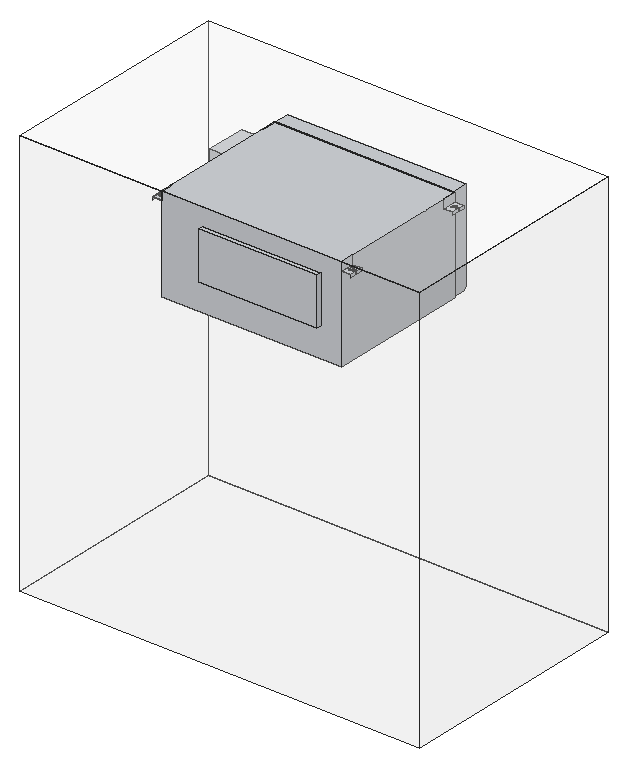
Revit family "pcav-p112_280dme3_60Hz", category 機械設備, Revit 2019
Family settings
  丸型コネクタ寸法 = 直径を使用
  パーツ タイプ = 標準
  OmniClass 番号 = 23.75.00.00
  OmniClass タイトル = Climate Control (HVAC)
  作業面ベース = いいえ
  常に垂直 = はい
  ロード時にボイドで切り取り = いいえ
  共有 = いいえ
  部屋計算ポイント = はい
Parameters (values of type "PCAV-P112DME3")
  風量（m3／min） = 32
  風量 = MAX風量  # 1920.0 m³/h
  音響パワーレベル(dB) = 66.5
  電源種別 = ""
  電源_H = 0.00 mm
  電圧_電気ヒーター = 0 V
  電圧 = 200 V
  電動機出力_送風機 = 150 W
  運転質量 = 0.00 kg
  連動 = ""
  質量 = if(製品質量 > 運転質量, 製品質量, 運転質量) * 1.2  # 129.60 kg
  負荷分類 = 3_ファン類
  説明 = "設備用パッケージエアコン 空冷天吊形・冷暖兼用 工場用天吊シリーズ"
  設計暖房能力 = 0 kW
  設計冷房能力_顕熱 = 0 kW
  設計冷房能力 = 0 kW
  設置方法 = "天井吊(露出)形"
  記号 = ""
  製造元 = "三菱電機株式会社"
  製品質量 = 108.00 kg
  製品出荷対象 = "国内"
  製品リリース年月 = "2023/12/18"
  製品グループ = ""
  系統 = ""
  符号 = "PAC_CR"
  積算_科目 = "1 空気調和設備"
  積算_拾い区分 [instance] = ""
  相_電気ヒーター = 1
  相 = 3
  盤記号 = ""
  発停方法 = "付属スイッチ"
  特殊仕様 = ""
  点検口離隔入力値 [instance] = 150.00 mm
  点検口離隔 [instance] = if(点検口離隔入力値 > 200.00 mm, 200.00 mm, if(点検口離隔入力値 < 150.00 mm, 150.00 mm, 点検口離隔入力値))  # 150.00 mm
  点検口設置範囲 = 800.00 mm
  点検口位置 = 200.00 mm
  点検口 = yes
  火災停止 = ""
  消費電力_電気ヒーター = 0 W
  消費電力_暖房 = 290 W
  消費電力_加湿器 = 0 W
  消費電力_冷房 = 290 W
  消費電力 = if(消費電力_冷房 > 消費電力_暖房, 消費電力_冷房, 消費電力_暖房) + 消費電力_加湿器 + 消費電力_電気ヒーター  # 290 W
  法定耐用年数 = "15"
  機外静圧 = 25.0 Pa
  極数 = 3
  材質 = ""
  本体マテリアル = none
  有効加湿量 = 0
  暖房能力 = 0 kW
  推奨ブレーカー容量 = 15 A
  形式_加湿器 = ""
  形式 = "天井吊(露出)形"
  幹線記号 = ""
  始動方式 = ""
  呼称 = "室内機_天井吊(露出)形"
  周波数 = 60 Hz
  吊り幅 = if(Depth = 900.00 mm, 60.00 mm, 61.00 mm)  # 60.00 mm
  吊り位置Y = 816.00 mm
  吊り位置X = 1203.00 mm
  台数_手元リモコン = ""
  台数_冷媒分岐ユニット = ""
  参照している仕様書等のバージョン = "公共建築工事標準仕様書（機械設備工事編）平成31年度版"
  加湿給水管径 = 0.00 mm
  分類コード = "50053003123090"
  分類グループ = ""
  冷房能力 = 0 kW
  冷媒高低圧ガス管径 = 0.00 mm
  冷媒管径符号 = "Bd"
  冷媒管径 = 100.00 mm
  冷媒液管径 = 9.52 mm
  冷媒液管_縦 = 44.00 mm
  冷媒液管_横 = 95.00 mm
  冷媒ガス管径 = 15.88 mm
  冷媒ガス管_縦 = 164.00 mm
  冷媒ガス管_横 = 249.00 mm
  企業コード = "108420"
  付属品_フィルター = ""
  付属品 = ""
  仕様書バージョン = "Version1.0"
  モデル = "PCAV-P112DME3"
  ドレン管径 = 48.60 mm
  ドレン管_縦 = 327.00 mm
  ドレン管_横 = 489.00 mm
  サービススペース = yes
  コメント [instance] = ""
  ケーブル種類 = ""
  ケーブルサイズ = 0 mm
  Width = 1145.00 mm
  Version = ""
  Uniclass2015Version = "Systems v1.9"
  Uniclass2015Title = "Split coil remote air cooled condensing units"
  Uniclass2015Code = "Pr_70_65_03_84"
  URL = "https://www.mitsubishielectric.co.jp/ldg/wink/qr/002/330568/"
  SpecificationReference = ""
  SpecificationDescription = ""
  S_H = Height + 20.00 mm  # 620.00 mm
  SAサイズ_W = 752.00 mm
  SAサイズ_D = 302.00 mm
  Revision = ""
  RAサイズ_W = 1133.00 mm
  RAサイズ_D = 600.00 mm
  ProductInformation = ""
  OmniClassCode = "23-33 17 13 11"
  MAX風量 = 風量（m3／min） * 60.0 m³/h  # 1920.0 m³/h
  IfcTypeProduct = ""
  IfcProduct = ""
  IfcExportType = "AIRCONDITIONINGUNIT"
  IfcExportAs = "IfcUnitaryEquipmentType"
  Height = 600.00 mm
  Depth = 900.00 mm
  Clearance Top = 0.00 mm
  Clearance Right = 500.00 mm
  Clearance Left = if(Width = 1145.00 mm, 900.00 mm, if(Width = 1695.00 mm, 900.00 mm, if(Width = 1195.00 mm, 1180.00 mm, 1300.00 mm)))  # 900.00 mm
  Clearance Front = 0.00 mm
  Clearance Bottom = 2000.00 mm
  Clearance Back = 500.00 mm
  Author = "三菱電機株式会社"
Types (4, lengths in mm): name | 風量（m3／min） | 風量 | 音響パワーレベル(dB) | 電動機出力_送風機 | 質量 | 製品質量 | 消費電力_暖房 | 消費電力_冷房 | 消費電力 | 機外静圧 | 暖房能力 | 吊り位置X | 冷房能力 | 冷媒管径符号 | 冷媒ガス管径 | モデル | Width | URL | SAサイズ_W | RAサイズ_W | MAX風量
  PCAV-P112DME3 | 32 | 1920.0 m³/h | 66.5 | 150 W | 129.60 kg | 108.00 kg | 290 W | 290 W | 290 W | 25.0 Pa | 0 kW | 1203.00 | 0 kW | "Bd" | 15.88 | "PCAV-P112DME3" | 1145.00 | "https://www.mitsubishielectric.co.jp/ldg/wink/qr/002/330568/" | 752.00 | 1133.00 | 1920.0 m³/h
  PCAV-P140DME3 | 38 | 2280.0 m³/h | 69 | 200 W | 129.60 kg | 108.00 kg | 370 W | 370 W | 370 W | 50.0 Pa | 14 kW | 1203.00 | 12.5 kW | "Bd" | 15.88 | "PCAV-P140DME3" | 1145.00 | "https://www.mitsubishielectric.co.jp/ldg/wink/qr/002/330566/" | 752.00 | 1133.00 | 2280.0 m³/h
  PCAV-P224DME3 | 64 | 3840.0 m³/h | 69 | 300 W | 192.00 kg | 160.00 kg | 540 W | 540 W | 540 W | 35.0 Pa | 22.4 kW | 1753.00 | 20 kW | "Be" | 19.05 | "PCAV-P224DME3" | 1695.00 | "https://www.mitsubishielectric.co.jp/ldg/wink/qr/002/330567/" | 1302.00 | 1683.00 | 3840.0 m³/h
  PCAV-P280DME3 | 77 | 4620.0 m³/h | 72 | 400 W | 192.00 kg | 160.00 kg | 690 W | 690 W | 690 W | 60.0 Pa | 28 kW | 1753.00 | 25 kW | "Bf" | 22.20 | "PCAV-P280DME3" | 1695.00 | "https://www.mitsubishielectric.co.jp/ldg/wink/qr/002/330569/" | 1302.00 | 1683.00 | 4620.0 m³/h
Reference planes
  plane 1 "中心(正面/背面)": y = 0
  plane 2: z = 0
  plane 3 "中心(左/右)": x = 0
  plane 4: x = 601.5
  plane 5: x = -601.5
  plane 6: y = -940
  plane 7: x = 624.5
  plane 8: y = -1083.5
  plane 9: y = -124
  plane 10: y = -603.75
  plane 11: y = -774
  plane 12: y = -324
  plane 13: x = -714.5
  plane 14: x = -1364.5
  plane 15: x = -614.5
  plane 16: y = -1583.5
  plane 17: x = 735.5
  plane 18: y = -1083.5
  plane 19: y = -236.5
  plane 20: y = -1133.5
  plane 21: y = -516.5
  plane 22: y = -142
  plane 23: y = -958
  plane 24: x = -572.5
  plane 25: x = 572.5
  plane 26: y = -100
  plane 27: y = -100
  plane 28: y = -1000
  plane 29: x = -309.5
  plane 30: x = 442.5
  plane 31: x = -567.5
  plane 32: x = 565.5
  plane 33: z = -600
  plane 34: z = 0
  plane 35: z = -2600
  plane 36 "clearance-R": x = 1072.5
  plane 37 "clearance-L": x = -1472.5
  plane 38 "clearance-back": y = 500
Dimensions and locks
  locked: plane 12 to plane 11 at 450
  "Clearance Back": plane 8 to plane 16
  "Clearance Front": plane 18 to plane 8
  "点検口位置": plane 9 to plane 12
  "吊り位置X": plane 5 to plane 4
  locked: plane 4 to plane 7 at 23
  "吊り位置Y": plane 22 to plane 23
  "Width": plane 24 to plane 25
  "Depth": plane 27 to plane 28
  plane 27 to plane 28 = 900.00 mm
  locked: plane 24 to plane 29 at 263
  "SAサイズ_W": plane 29 to plane 30
  plane 24 to plane 31 = 5.00 mm
  "RAサイズ_W": plane 31 to plane 32
  "Height": level to plane 33
  "Clearance Top": plane 34 to level
  "Clearance Bottom": plane 33 to plane 35
  equal spacing: plane 24, plane 3 "中心(左/右)", plane 25
  equal spacing: plane 5, plane 3 "中心(左/右)", plane 4
  "Clearance Right": plane 25 to plane 36 "clearance-R"
  "Clearance Left": plane 37 "clearance-L" to plane 24
  "Clearance Back": plane 1 "中心(正面/背面)" to plane 38 "clearance-back"
  aligned and locked: level to plane 2
  aligned and locked: nested 2 to plane 36 "clearance-R"
  aligned and locked: nested 2 to plane 37 "clearance-L"
  aligned and locked: nested 2 to plane 38 "clearance-back"
  aligned and locked: nested 2 to plane 28
  aligned and locked: plane 2 to nested 2
  aligned and locked: plane 35 to nested 2
  aligned and locked: nested 3 to plane 22
  aligned and locked: nested 3 to plane 5
  aligned and locked: nested 3 to plane 4
  aligned and locked: nested 3 to plane 23
Nested families
  nested 1: "PCAV-P○○DME3" at (172.5, -550, -600) x (0, -1, 0) z (0, 0, 1), type "PCAV-P○○DME3"
    with 制御ボクス yes, ユニット表示 yes, ガス管 15.88 mm
  nested 2: "サービススペース" at (-200, -250, -1300), type "サービススペース"
    with Width 2545.00 mm, Height 2600.00 mm, Depth 1500.00 mm
  nested 3: "固定点" at (-601.5, -958, 0), type "固定点"
    with W 1203.00 mm, D 816.00 mm
Connectors
  electrical at (-672.5, -346.333, -306.767), driven by "極数", driven by "負荷分類", driven by "電圧", driven by "消費電力"
    settings: on nested 1, index 1, voltage 200 V, apparent load 290 VA, apparent load phase1 0 VA, apparent load phase2 0 VA, apparent load phase3 0 VA, power factor 1, load classification "3_ファン類", number of poles 3, system type 30, power factor state 1, is connector primary yes, connector utility no, sub classification motor no, connector description ""
  piping at (-672.5, -190, -370), diameter 100, driven by "冷媒管径", driven by "冷媒管径符号"
    settings: on nested 1, index 2, connector inside diameter 609.60 mm, connector length 0.00 mm, flow factor 0, pipe flow 0.0 L/s, pressure drop 0.0 Pa, fitting loss kfactor 0, connector angle 0.00°, fixture units 0, engagement length 0.00 mm, angle of deflection 0.00°, flow configuration 0, flow direction 0, fitting loss method 0, system type 19, joint type 0, gender type 0, connector reference index -1, connector utility 0, adjustable connector no, is connector primary yes, connector description "Bd"
  piping at (-657.5, -230, -560), diameter 48.6, driven by "ドレン管径"
    settings: on nested 1, index 3, connector inside diameter 609.60 mm, connector length 0.00 mm, flow factor 0, pipe flow 0.0 L/s, pressure drop 0.0 Pa, fitting loss kfactor 0, connector angle 0.00°, fixture units 0, engagement length 0.00 mm, angle of deflection 0.00°, flow configuration 0, flow direction 2, fitting loss method 4, system type 16, joint type 0, gender type 0, connector reference index -1, connector utility 0, adjustable connector no, is connector primary no, connector description ""
  hvac at (66.5, -1030, -260), driven by "SAサイズ_D", driven by "SAサイズ_W", driven by "機外静圧", driven by "風量"
    settings: on nested 1, index 4, duct flow 1920.0 m³/h, flow factor 0, pres drop 25.0 Pa, loss coef 0, conn angle 0.00°, conn width 752 mm, conn height 302 mm, conn diameter 609.6 mm, duct sys type 29, conn prof type 1, flow config 0, flow direction 2, loss method 4, conn ref index -1, conn util no, is conn primary yes, conn desc ""
Definition of nested family "PCAV-P○○DME3"
  Parameters (values of type "PCAV-P○○DME3")
    液管 = 9.52 mm
    制御ボクス [instance] = yes
    ガス管 = 15.90 mm
    S2 = 302.00 mm
    S1 = 189.00 mm
    E = 752.00 mm
    C = 1145.00 mm
    A = 1263.00 mm
    高さ = 600.00 mm
    冷媒配管 = 100.00 mm
    ユニット表示 [instance] = yes
    D = 1133.00 mm
    B = 1203.00 mm
  Reference planes
    plane 1 "中心(正面/背面)": y = -172.5
    plane 2: z = 0
    plane 3 "中心(左/右)": x = 0
    plane 4: z = 600
    plane 5: y = -804
    plane 6 "吊金具-２": x = 480
    plane 7: y = -472.5
    plane 8: y = 429
    plane 9: z = 20
    plane 10: z = 189
    plane 11: z = 491
    plane 12: x = 390
    plane 13: x = 380
    plane 14: y = 459
    plane 15: y = -774
    plane 16: y = 400
    plane 17: y = -745
    plane 18: y = -740
    plane 19: y = 393
    plane 20: y = -482
    plane 21: y = 270
    plane 22: x = -450
    plane 23: x = 450
    plane 24 "吊り金具-1": x = -408
    plane 25 "吊り金具-2": x = 408
    plane 26 "制御BOX": y = -845
    plane 27 "昇降フィルターボックス": x = -550
    plane 28 "ドレン": x = -500
    plane 29 "ドレン-奥行": x = -320
    plane 30 "ガス-奥行": x = -340
    plane 31 "液-奥行": x = -380
    plane 32 "ドレンｰ高さ": z = 40
    plane 33 "ガスｰ高さ": z = 210
    plane 34 "液ｰ高さ": z = 250
    plane 35 "冷媒管径-高さ": z = 230
    plane 36 "冷媒配管-奥行": x = -360
    plane 37 "吊金具": z = 547
    plane 38: x = -60
    plane 39: z = 580
    plane 40: y = -598
  Forms (mm)
    Extrusion 1, solid, visible <- "ユニット表示", detail levels fine
      sketch origin (0, 0, 0) x (1, 0, 0) y (0, 1, 0)
        loop
          line (-450, 400) -> (-450, -745) -> (450, -745) -> (450, 400) -> (-450, 400)
      from 0 to 600
    Extrusion 2, solid, visible <- "ユニット表示", detail levels fine
      sketch origin (0, 0, 0) x (1, 0, 0) y (0, 1, 0)
        loop
          line (480, 270) -> (450, 270) -> (450, -482) -> (480, -482) -> (480, 270)
      from 189 to 491
    Extrusion 3, solid, detail levels fine
      sketch origin (1480.036, -512.5, 1200) x (1, 0, 0) y (0, 0, 1)
        loop
          line (-1930.036, -600) -> (-2030.036, -600) -> (-2030.036, -1180) -> (-2011.536, -1200) -> (-1930.036, -1200) -> (-1930.036, -600)
      from -905.5 to 227.5
    Extrusion 4, solid, detail levels fine
      sketch origin (533.5, -745, 0) x (-1, 0, 0) y (0, 0, -1)
        loop
          circle (853.5, -40) r 24.3
      from 0 to 85
    Extrusion 5, solid, detail levels fine
      sketch origin (533.5, -745, 0) x (-1, 0, 0) y (0, 0, -1)
        loop
          circle (873.5, -210) r 7.95
      from 0 to 85
    Extrusion 6, solid, detail levels fine
      sketch origin (533.5, -745, 0) x (-1, 0, 0) y (0, 0, -1)
        loop
          circle (913.5, -250) r 4.76
      from 0 to 85
    Extrusion 7, solid, detail levels fine
      sketch origin (533.5, -745, 0) x (-1, 0, 0) y (0, 0, -1)
        loop
          circle (893.5, -230) r 50
      from 0 to 100
    Extrusion 8, solid, detail levels fine
      sketch origin (533.5, -745, 0) x (-1, 0, 0) y (0, 0, -1)
        loop
          line (593.5, -28.5) -> (593.5, -580) -> (849.5, -580) -> (849.5, -311.7) -> (768.5, -230.7) -> (768.5, -28.5) -> (593.5, -28.5)
      from 0 to 100
    Extrusion 9, solid, detail levels fine
      sketch origin (-550, -512.5, 0) x (0, -1, 0) y (-1, 0, 0)
        loop
          circle (85.5, -50) r 6.9
      from 0 to 20
  Dimensions and locks
    "高さ": plane 4 to level
    "S2": plane 11 to plane 10
    "S1": plane 10 to level
    locked: plane 13 to plane 6 "吊金具-２" at 100
    "B": plane 15 to plane 8
    "A": plane 5 to plane 14
    equal spacing: plane 5, plane 1 "中心(正面/背面)", plane 14
    "C": plane 17 to plane 16
    equal spacing: plane 17, plane 1 "中心(正面/背面)", plane 16
    locked: plane 17 to plane 18 at 5
    "D": plane 18 to plane 19
    locked: plane 17 to plane 20 at 263
    "E": plane 20 to plane 21
    plane 22 to plane 23 = 900.00 mm
    equal spacing: plane 22, plane 3 "中心(左/右)", plane 23
    plane 24 "吊り金具-1" to plane 25 "吊り金具-2" = 816.00 mm
    locked: plane 27 "昇降フィルターボックス" to plane 24 "吊り金具-1" at 142
    equal spacing: plane 24 "吊り金具-1", plane 3 "中心(左/右)", plane 25 "吊り金具-2"
    locked: plane 25 "吊り金具-2" to plane 6 "吊金具-２" at 72
    plane 23 to plane 29 "ドレン-奥行" = 770.00 mm
    plane 23 to plane 30 "ガス-奥行" = 790.00 mm
    plane 30 "ガス-奥行" to plane 31 "液-奥行" = 40.00 mm
    plane 32 "ドレンｰ高さ" to level = 40.00 mm
    plane 33 "ガスｰ高さ" to level = 210.00 mm
    plane 34 "液ｰ高さ" to plane 33 "ガスｰ高さ" = 40.00 mm
    plane 5 to plane 17 = 59.00 mm
    equal spacing: plane 15, plane 1 "中心(正面/背面)", plane 8
    "ガス管": diameter of Extrusion 5 sketch curve
    "液管": diameter of Extrusion 6 sketch curve
    "冷媒配管": diameter of Extrusion 7 sketch curve
    diameter of Extrusion 9 sketch curve = 13.80 mm
    diameter of Extrusion 4 sketch curve = 48.60 mm
    aligned and locked: level to plane 2
    aligned and locked: Extrusion 1 to level
    aligned and locked: plane 4 to Extrusion 1
    aligned and locked: Extrusion 2 to plane 10
    aligned and locked: plane 11 to Extrusion 2
    aligned and locked: plane 16 to Extrusion 1 sketch curve
    aligned and locked: Extrusion 1 sketch curve to plane 17
    aligned and locked: Extrusion 2 sketch curve to plane 21
    aligned and locked: plane 20 to Extrusion 2 sketch curve
    aligned and locked: Extrusion 1 to plane 22
    aligned and locked: plane 23 to Extrusion 1
    aligned and locked: plane 18 to Extrusion 3
    aligned and locked: Extrusion 3 to plane 19
    aligned and locked: nested 1 to plane 17
    aligned and locked: plane 17 to nested 4
    aligned and locked: nested 2 to plane 16
    aligned and locked: plane 16 to nested 3
  Automatic sketch dimensions
    plane 6 "吊金具-２" to Extrusion 2 sketch curve = 0.00 mm
    Extrusion 1 sketch curve to plane 23 = 0.00 mm
    Extrusion 2 sketch curve to Extrusion 2 sketch curve = 30.00 mm
    Extrusion 3 sketch curve to plane 27 "昇降フィルターボックス" = 0.00 mm
    Extrusion 3 sketch curve to plane 4 = 0.00 mm
    Extrusion 3 sketch curve to level = 0.00 mm
    Extrusion 3 sketch curve to plane 22 = 0.00 mm
    Extrusion 3 sketch curve to plane 9 = 0.00 mm
    Extrusion 1 sketch curve to plane 22 = 0.00 mm
    plane 27 "昇降フィルターボックス" to Extrusion 3 sketch curve = 18.50 mm
    Extrusion 1 to Extrusion 4 sketch curve = 40.00 mm
    Extrusion 1 to Extrusion 4 sketch curve = 130.00 mm
    Extrusion 1 to Extrusion 8 sketch curve = 390.00 mm
    Extrusion 1 to Extrusion 8 sketch curve = 215.00 mm
    Extrusion 1 to Extrusion 8 sketch curve = 134.00 mm
    Extrusion 1 to Extrusion 8 sketch curve = 571.50 mm
    Extrusion 8 sketch curve to Extrusion 8 sketch curve = 202.20 mm
    Extrusion 8 sketch curve to Extrusion 8 sketch curve = 81.00 mm
    Extrusion 8 sketch curve to Extrusion 8 sketch curve = 268.30 mm
    Extrusion 9 sketch curve to Extrusion 3 = 31.50 mm
    Extrusion 9 sketch curve to Extrusion 3 = 142.00 mm
    Extrusion 1 to Extrusion 5 sketch curve = 110.00 mm
    Extrusion 1 to Extrusion 5 sketch curve = 210.00 mm
    Extrusion 1 to Extrusion 6 sketch curve = 70.00 mm
    Extrusion 1 to Extrusion 6 sketch curve = 250.00 mm
    Extrusion 1 to Extrusion 7 sketch curve = 90.00 mm
    Extrusion 1 to Extrusion 7 sketch curve = 230.00 mm
  Nested families
    nested 1: "leg" at (408, -774, 547), type "leg", detail levels fine
    nested 2: "leg" at (408, 429, 547), type "leg", detail levels fine
    nested 3: "leg" at (-408, 429, 547) x (-1, 0, 0) z (0, 0, 1), type "leg", detail levels fine
    nested 4: "leg" at (-408, -774, 547) x (-1, 0, 0) z (0, 0, 1), type "leg", detail levels fine
  Definition of nested family "leg"
    Reference planes
      plane 1 "中心(正面/背面)": y = 0
      plane 2: z = 0
      plane 3 "中心(左/右)": x = 0
      plane 4: x = -7
      plane 5: x = 7
      plane 6: x = 40
      plane 7: x = -43.2
      plane 8: y = -30
      plane 9: y = 29
      plane 10: z = 53
    Forms (mm)
      Extrusion 1, solid
        sketch origin (0, -1, 0) x (1, 0, 0) y (0, 1, 0)
          loop
            line (40, 30) -> (-43.2, 30) -> (-43.2, -29) -> (-7, -29) -> (-7, -8.798)
            arc (-7, -8.798) -> (-12.746, -5.325) -> (-15, 1) r 10
            arc (-15, 1) -> (-12.071, 8.071) -> (-5, 11) r 10
            line (-5, 11) -> (5, 11)
            arc (5, 11) -> (12.071, 8.071) -> (15, 1) r 10
            arc (15, 1) -> (12.746, -5.325) -> (7, -8.798) r 10
            line (7, -8.798) -> (7, -29) -> (40, -29) -> (40, 30)
        from -2 to 0
      Extrusion 2, solid
        sketch origin (0, -0.091, 0) x (1, 0, 0) y (0, 1, 0)
          loop
            line (-43.2, -28.909) -> (-43.2, -29.909) -> (-7, -29.909) -> (-7, -28.909) -> (-43.2, -28.909)
          loop
            line (7, -28.909) -> (7, -29.909) -> (40, -29.909) -> (40, -28.909) -> (7, -28.909)
        from -17 to 0
      Extrusion 3, solid
        sketch origin (0, -0.091, 0) x (1, 0, 0) y (0, 1, 0)
          loop
            line (40, 28.091) -> (40, 29.091) -> (-43.2, 29.091) -> (-43.2, 28.091) -> (40, 28.091)
        from 0 to 53
    Cuts and joins
      joined: Extrusion 1, Extrusion 2, Extrusion 3
    Dimensions and locks
      aligned and locked: level to plane 2
Definition of nested family "サービススペース"
  Parameters (values of type "サービススペース")
    Width [instance] = 500.00 mm
    Height [instance] = 500.00 mm
    Depth [instance] = 500.00 mm
  Reference planes
    plane 1 "中心(正面/背面)": y = 0
    plane 2: z = 0
    plane 3 "中心(左/右)": x = 0
    plane 4: y = -250
    plane 5: x = 250
    plane 6: y = 250
    plane 7: x = -250
    plane 8: z = 250
    plane 9: z = -250
  Forms (mm)
    Extrusion 1, solid
      sketch origin (-638.939, 0, 72.39) x (1, 0, 0) y (0, 1, 0)
        loop
          line (388.939, 250) -> (388.939, -250) -> (888.939, -250) -> (888.939, 250) -> (388.939, 250)
      from -322.39 to 177.61
  Lines and regions (mm)
    symbolic lines
      curve 1: line (-250, 0, 250) -> (250, 0, 250)
      curve 2: line (-250, 0, -250) -> (-250, 0, 250)
      curve 3: line (250, 0, -250) -> (-250, 0, -250)
      curve 4: line (250, 0, 250) -> (250, 0, -250)
      curve 5: line (0, -250, 250) -> (0, 250, 250)
      curve 6: line (0, -250, -250) -> (0, -250, 250)
      curve 7: line (0, 250, -250) -> (0, -250, -250)
      curve 8: line (0, 250, 250) -> (0, 250, -250)
      curve 9: line (-250, 250, 0) -> (250, 250, 0)
      curve 10: line (-250, -250, 0) -> (-250, 250, 0)
      curve 11: line (250, -250, 0) -> (-250, -250, 0)
      curve 12: line (250, 250, 0) -> (250, -250, 0)
  Dimensions and locks
    equal spacing: plane 7, plane 3 "中心(左/右)", plane 5
    equal spacing: plane 4, plane 1 "中心(正面/背面)", plane 6
    "Depth": plane 4 to plane 6
    "Width": plane 7 to plane 5
    equal spacing: plane 8, plane 2, plane 9
    "Height": plane 8 to plane 9
    aligned and locked: plane 9 to curve 3
    aligned and locked: plane 7 to curve 2
    aligned and locked: curve 4 to plane 5
    aligned and locked: plane 5 to Extrusion 1
    aligned and locked: Extrusion 1 to plane 7
    aligned and locked: Extrusion 1 to plane 9
    aligned and locked: plane 8 to Extrusion 1
    aligned and locked: plane 9 to curve 7
  Automatic sketch dimensions
    plane 4 to Extrusion 1 sketch curve = 0.00 mm
    Extrusion 1 sketch curve to plane 7 = 0.00 mm
    Extrusion 1 sketch curve to plane 5 = 0.00 mm
    plane 6 to Extrusion 1 sketch curve = 0.00 mm
    curve 2 to plane 8 = 0.00 mm
    plane 4 to curve 11 = 0.00 mm
    curve 11 to plane 7 = 0.00 mm
    curve 11 to plane 5 = 0.00 mm
    plane 6 to curve 10 = 0.00 mm
    curve 7 to plane 4 = 0.00 mm
    curve 7 to plane 6 = 0.00 mm
    curve 6 to plane 8 = 0.00 mm
Definition of nested family "固定点"
  Parameters (values of type "固定点")
    中心円 = 20.00 mm
    W [instance] = 1000.00 mm
    D [instance] = 1000.00 mm
  Reference planes
    plane 1 "中心(正面/背面)": y = 0
    plane 2: z = 0
    plane 3 "中心(左/右)": x = 0
    plane 4: x = 1000
    plane 5: y = 1000
  Lines and regions (mm)
    symbolic lines, detail levels fine
      curve 1: circle (0, 1000, 0) r 10 normal (0, 0, 1)
      curve 2: circle (0, 0, 0) r 10 normal (0, 0, 1)
      curve 3: circle (1000, 1000, 0) r 10 normal (0, 0, 1)
      curve 4: circle (1000, 0, 0) r 10 normal (0, 0, 1)
      curve 5: line (-200, 1000, 0) -> (1200, 1000, 0)
      curve 6: line (-200, 0, 0) -> (1200, 0, 0)
      curve 7: line (0, 1200, 0) -> (0, -200, 0)
      curve 8: line (1000, 1200, 0) -> (1000, -200, 0)
  Dimensions and locks
    "W": plane 3 "中心(左/右)" to plane 4
    "D": plane 1 "中心(正面/背面)" to plane 5
    "中心円": diameter of curve 1
    "中心円": diameter of curve 2
    "中心円": diameter of curve 3
    "中心円": diameter of curve 4
    aligned and locked: level to plane 2
    aligned and locked: plane 5 to curve 1
    aligned and locked: plane 3 "中心(左/右)" to curve 1
    aligned and locked: plane 3 "中心(左/右)" to curve 2
    aligned and locked: plane 1 "中心(正面/背面)" to curve 2
    aligned and locked: plane 4 to curve 3
    aligned and locked: plane 5 to curve 3
    aligned and locked: plane 1 "中心(正面/背面)" to curve 4
    aligned and locked: plane 4 to curve 4
    aligned and locked: plane 1 "中心(正面/背面)" to curve 6
    aligned and locked: curve 7 to plane 3 "中心(左/右)"
    aligned and locked: curve 8 to plane 4
  Automatic sketch dimensions
    curve 5 to plane 5 = 0.00 mm
    curve 6 to plane 3 "中心(左/右)" = 200.00 mm
    curve 5 to plane 3 "中心(左/右)" = 200.00 mm
    curve 4 to curve 6 = 200.00 mm
    curve 3 to curve 5 = 200.00 mm
    plane 1 "中心(正面/背面)" to curve 8 = 200.00 mm
    plane 1 "中心(正面/背面)" to curve 7 = 200.00 mm
    curve 3 to curve 8 = 200.00 mm
    curve 1 to curve 7 = 200.00 mm
